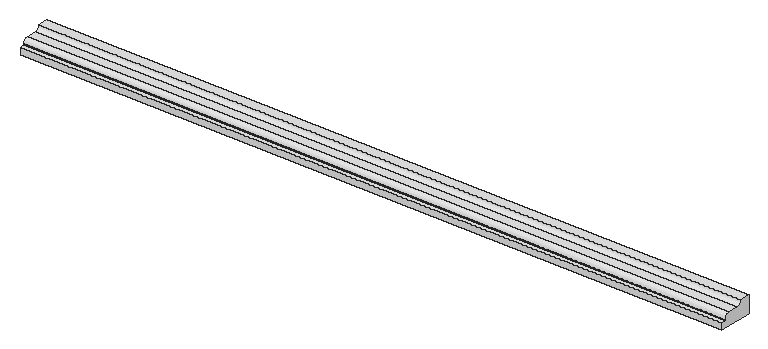
Revit family "13-MOULDING-CADS-164-PCBSOLIDCROWN-4-REVIT_Versatex-Generic-Model-SOLID-CROWN-MOULDING", category Generic Models, host Face, Revit 2026
Family settings
  Host = Face
  Can host rebar = No
  Round Connector Dimension = Use Diameter
  Part Type = Normal
  Cut with Voids When Loaded = No
  Maintain Annotation Orientation = No
  Shared = No
  Room Calculation Point = No
Parameters
  Model = "PCBSOLIDCROWN"
  Length = 4' - 0"
  Warranty = "https://versatex.com/warranty/"
  URL = "https://versatex.com/"
  Specification = "https://www.arcat.com/company/versatex-45716/spec?coid=45716"
  Sales Information = "https://versatex.com/dealer-locator/"
  Message Manufacturer = "https://versatex.com/contact/"
  Material = Versatex PVC - Smooth
  Manufacturer Website = "https://versatex.com/"
  Manufacturer Phone = "724-857-1111"
  Manufacturer Fax = "724-857-1171"
  Manufacturer Address = "400 Steel Street, Aliquippa, PA 15001"
  Manufacturer = "Versatex"
  Literature = "https://versatex.com/literature/?_sft_literature_category=cads"
  Description = "SOLID CROWN MOULDING"
  Default Elevation = 4' - 0"
  Copyright = "© 2024 VERSATEX Building Products, LLC"
Reference planes (in)
  plane 1 "Center (Front/Back)": y = 0
  plane 2: z = 0
  plane 3 "Center (Left/Right)": x = 0
  plane 4: x = 24
  plane 5: x = -24
Forms (in)
  Sweep 1, solid, material "Versatex PVC - Smooth" <- "Material"
    path origin (0, 0, 0) x (1, 0, 0) y (0, 1, 0)
      loop
        line (-24, 0) -> (24, 0)
    profile "Versatex_Profile_SOLID CROWN MOULDING : Versatex_Profile_SOLID CROWN MOULDING" origin (0, 0, 0) x (0, 1, 0) y (0, 0, 1)
      loop
        arc (0.61161, 0.80167) -> (0.39272, 0.71222) -> (0.30328, 0.49333) r 0.30542
        line (0.30328, 0.49333) -> (0.30328, 0.42667) -> (0, 0.42667) -> (0, 0) -> (2.24162, 0) -> (2.24162, 1.12333) -> (1.61995, 1.12333)
        arc (1.61995, 1.12333) -> (1.5494, 0.91198) -> (1.3558, 0.80167) r 0.31183
        line (1.3558, 0.80167) -> (0.61161, 0.80167)
Dimensions and locks (in)
  "Length": plane 5 to plane 4
  equal spacing: plane 5, plane 3 "Center (Left/Right)", plane 4, locked at 24 each
  aligned and locked: plane 2 to host face
  aligned and locked: level to host face
Automatic sketch dimensions
  host sketch curve to host sketch curve = 8' - 0"  (x2)
  plane 1 "Center (Front/Back)" to Sweep 1 sketch curve = 0' - 0"
  Sweep 1 sketch curve to plane 5 = 0' - 0"
  Sweep 1 sketch curve to plane 4 = 0' - 0"
